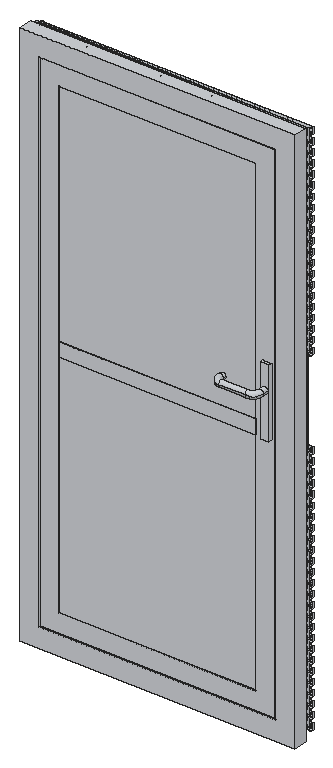
Revit family "NLRS_31_DO_WB_HS27R enkele deur-AV_jazo_jazo", category Doors, host Wall, Revit 2020
Family settings
  Host = Wall
  OmniClass Number = 23.30.10.00
  OmniClass Title = Doors
  Always vertical = Yes
  Cut with Voids When Loaded = No
  Shared = No
  Room Calculation Point = No
Parameters (values of type "TYPE CATALOG")
  URL = "www.jazo.com"
  Thickness = if(JAZO_C_forster presto kozijn, 50 mm, if(JAZO_C_aluminium kozijn, 60 mm, 50 mm))  # 50 mm
  Rough Width = NLRS_C_breedte_01  # 1010 mm
  Rough Height = NLRS_C_hoogte_01  # 2010 mm
  Operation = ""
  Negge = 41 mm
  NLRS_C_zelfsluitend = no
  NLRS_C_weerstandsklasse = "Voor specificaties of mogelijkheden, neem contact op."  # constant formula
  NLRS_C_vluchtroute = "Voor specificaties of mogelijkheden, neem contact op."  # constant formula
  NLRS_C_stelruimte = if(NLRS_C_brandwerend, 10 mm, 5 mm)  # 5 mm
  NLRS_C_rookwerendheid = "Voor specificaties of mogelijkheden, neem contact op."  # constant formula
  NLRS_C_offset_02 = if(JAZO_C_calculatie_03 < 0 mm, JAZO_C_calculatie_03 - ((NLRS_C_aantal_02 - 17) * 36 mm), NLRS_C_offset_01)  # 18.7 mm
  NLRS_C_offset_01 = if(JAZO_C_calculatie_03 > 0 mm, JAZO_C_calculatie_03 - ((NLRS_C_aantal_01 - 2) * 36 mm), 0 mm)  # 18.7 mm
  NLRS_C_offset = Negge  # 41 mm
  NLRS_C_merk = "Voor specificaties of mogelijkheden, neem contact op."  # constant formula
  NLRS_C_leverancier_url = "www.jazo.com"  # constant formula
  NLRS_C_leverancier_telefoonnummer = "+31 316 - 59 29 11"  # constant formula
  NLRS_C_leverancier_postcode = "6905 DJ"  # constant formula
  NLRS_C_leverancier_plaats = "Zevenaar"  # constant formula
  NLRS_C_leverancier_email = "info@jazo.com"  # constant formula
  NLRS_C_leverancier_bedrijfsnaam = "JAZO Zevenaar bv"  # constant formula
  NLRS_C_leverancier_adres = "Handelsdwarsstraat 10"  # constant formula
  NLRS_C_lengte_02 = if(JAZO_C_calculatie_02 < (17 * 36 mm), JAZO_C_calculatie_02, (17 * 36 mm))  # 612 mm
  NLRS_C_lengte_01 = if(JAZO_C_calculatie_01 > (2 * 36 mm), JAZO_C_calculatie_01, (2 * 36 mm))  # 126.7 mm
  NLRS_C_inbraakwerend = no
  NLRS_C_hoogte_min = if(JAZO_C_forster presto kozijn, if(and(NLRS_C_brandwerend, NLRS_C_inbraakwerend), 2050 mm, if(NLRS_C_inbraakwerend, 2050 mm, if(NLRS_C_brandwerend, 2000 mm, 1850 mm))), if(JAZO_C_aluminium kozijn, 1850 mm, 1850 mm))  # 1850 mm
  NLRS_C_hoogte_max = if(JAZO_C_forster presto kozijn, if(NLRS_C_inbraakwerend, 2640 mm, 3000 mm), if(JAZO_C_aluminium kozijn, if(NLRS_C_inbraakwerend, 2645 mm, 3200 mm), 2000 mm))  # 3000 mm
  NLRS_C_hoogte_01 = NLRS_C_hoogte + (NLRS_C_stelruimte * 2)  # 2010 mm
  NLRS_C_hoogte = if(Height < NLRS_C_hoogte_min, NLRS_C_hoogte_min, if(Height > NLRS_C_hoogte_max, NLRS_C_hoogte_max, Height))  # 2000 mm
  NLRS_C_geluidwering Rw = "Voor specificaties of mogelijkheden, neem contact op."  # constant formula
  NLRS_C_diepte_02 = if(JAZO_C_forster presto kozijn, 50 mm, 30 mm)  # 50 mm
  NLRS_C_diepte_01 = if(JAZO_C_forster presto kozijn, 91 mm, 101 mm)  # 91 mm
  NLRS_C_diepte = Thickness  # 50 mm
  NLRS_C_content_versie = "2.5"  # constant formula
  NLRS_C_content_revit versie = "REVIT 2020.2"  # constant formula
  NLRS_C_content_provider = "JAZO Zevenaar bv"  # constant formula
  NLRS_C_content_datum uitgifte = "17-8-2022"  # constant formula
  NLRS_C_content_datum gewijzigd = "7-11-2022"  # constant formula
  NLRS_C_content_creator = "JAZO Zevenaar bv"  # constant formula
  NLRS_C_breedte_min = 850 mm  # constant formula
  NLRS_C_breedte_max = if(JAZO_C_forster presto kozijn, if(NLRS_C_inbraakwerend, 1440 mm, 1500 mm), if(JAZO_C_aluminium kozijn, if(NLRS_C_inbraakwerend, 1661 mm, 1400 mm), 1000 mm))  # 1500 mm
  NLRS_C_breedte_01 = NLRS_C_breedte + NLRS_C_stelruimte * 2  # 1010 mm
  NLRS_C_breedte = if(Width < NLRS_C_breedte_min, NLRS_C_breedte_min, if(Width > NLRS_C_breedte_max, NLRS_C_breedte_max, Width))  # 1000 mm
  NLRS_C_brandwerend = no
  NLRS_C_aantal_02 = if(NLRS_C_hoogte < 1945.3 mm, rounddown(JAZO_C_calculatie_02 / 36 mm), 17)  # 17
  NLRS_C_aantal_01 = if(NLRS_C_hoogte > 1945.3 mm, rounddown(JAZO_C_calculatie_01 / 36 mm), 2)  # 3
  Model = "HS27R enkele deur"  # constant formula
  Manufacturer = "JAZO Zevenaar bv"  # constant formula
  MIN WIDTH = NLRS_C_breedte_min  # 850 mm
  MIN HEIGHT = NLRS_C_hoogte_min  # 1850 mm
  MAX WIDTH = NLRS_C_breedte_max  # 1500 mm
  MAX HEIGHT = NLRS_C_hoogte_max  # 3000 mm
  JAZO_C_ventilerend = no
  JAZO_C_paniekfunctie = no
  JAZO_C_opbouwrooster HS27R = if(or(JAZO_C_aluminium kozijn, JAZO_C_forster presto kozijn), 1 < 2, 2 < 1)  # yes
  JAZO_C_niet ventilerend = yes
  JAZO_C_materiaal schoep = none
  JAZO_C_materiaal scharnier = none
  JAZO_C_materiaal forster presto sandwichpaneel = none
  JAZO_C_materiaal forster presto kozijn = none
  JAZO_C_materiaal forster presto deurprofiel = none
  JAZO_C_materiaal beslag = none
  JAZO_C_materiaal aluminium planken = none
  JAZO_C_materiaal aluminium kozijn = none
  JAZO_C_forster presto kozijn = yes
  JAZO_C_dagmaat hoogte = if(JAZO_C_forster presto kozijn, NLRS_C_hoogte - 70 mm - 70 mm, if(JAZO_C_aluminium kozijn, NLRS_C_hoogte - 52 mm - 52 mm, 0 mm))  # 1860 mm
  JAZO_C_dagmaat breedte = if(JAZO_C_forster presto kozijn, NLRS_C_breedte - 70 mm - 70 mm, if(JAZO_C_aluminium kozijn, NLRS_C_breedte - 52 mm - 52 mm, 0 mm))  # 860 mm
  JAZO_C_calculatie_03 = (NLRS_C_hoogte - JAZO_C_calculatie_01 - JAZO_C_calculatie_02 - 51.2 mm - 36 mm - 216 mm - 216 mm - 108 mm - 324 mm - 216 mm - 72 mm - 22.1 mm) * -1  # 54.7 mm
  JAZO_C_calculatie_02 = NLRS_C_hoogte - (2 mm * 36) - 51.2 mm - 36 mm - 216 mm - 216 mm - 108 mm - 324 mm - 216 mm - 72 mm - 22.1 mm  # 666.7 mm
  JAZO_C_calculatie_01 = NLRS_C_hoogte - (17 mm * 36) - 51.2 mm - 36 mm - 216 mm - 216 mm - 108 mm - 324 mm - 216 mm - 72 mm - 22.1 mm  # 126.7 mm
  JAZO_C_aluminium kozijn = no
  Function = Exterior
  Height = 2000 mm
  Wall Closure = By host
  Width = 1000 mm
  Description = "HS27R enkele deur"  # constant formula
  Define Thermal Properties by = User Defined
  Construction Type = "Voor specificaties of mogelijkheden, neem contact op."  # constant formula
  Assembly Code = "23.30.10.00"
  Analytic Construction = "<None>"
Reference planes
  plane 1 "Center (Front/Back)": y = 0
  plane 2 "Center (Left/Right)": x = 0
  plane 3 "Left": x = -500
  plane 4 "Right": x = 500
  plane 5 "Top": z = 2005
  plane 6 "Exterior": y = 75
  plane 7 "Interior": y = -75
  plane 8 "stelruimte r": x = 505
  plane 9 "stelruimte l": x = -505
  plane 10 "stelruimte b": z = 2010
  plane 11 "stelruimte o": z = 5
  plane 12 "center kozijn": y = 9
  plane 13 "Center": z = 1005
  plane 14 "voorkant kozijn": y = 34
  plane 15 "achterkant kozijn": y = -16
  plane 16 "start_schoep": z = 1998.2
  plane 17 "sectie 2": z = 1695
  plane 18 "sectie 3": z = 1568.3
  plane 19 "sectie 4": z = 1352.3
  plane 20 "sectie 5": z = 1244.3
  plane 21 "sectie 6": z = 920.3
  plane 22 "sectie 7": z = 308.3
  plane 23 "sectie 8": z = 92.3
  plane 24 "sectie 9": z = 20.3
  plane 25 "sectie 1A": z = 1947
  plane 26 "offset sectie 3": z = 1587
  plane 27 "offset sectie 4": z = 1371
  plane 28 "offset sectie 5": z = 1263
  plane 29 "offset sectie 6": z = 939
  plane 30 "offset sectie 7": z = 327
  plane 31 "offset sectie 8": z = 111
  plane 32 "voorkant schoep": y = 75
  plane 33 "center kozijn + schoep": y = 29.5
  plane 34 "sectie 1": z = 1911
Lines and regions (mm)
  Opening 1
    outline origin (-3161.91, -75, 0) x (1, 0, 0) y (0, 0, 1)
      loop
        line (2656.91, 0) -> (3666.91, 0) -> (3666.91, 2010) -> (2656.91, 2010) -> (2656.91, 0)
  symbolic lines, style "Swing Elevation"
    curve 1: line (500, -75, 1005) -> (-500, -75, 2005)
    curve 2: line (500, -75, 1005) -> (-500, -75, 0)
Text (mm)
  text "Exterior" at (-2295.016, 1099.543, 0), in view "Ref. Level"
  text "Exterior" at (0, 1615.38, 3698.081), in view "Left"
  text "Exterior" at (0, 1036.032, 3874.932), in view "Right"
Dimensions and locks
  equal spacing: plane 9 "stelruimte l", plane 2 "Center (Left/Right)", plane 8 "stelruimte r"
  "NLRS_C_breedte": plane 3 "Left" to plane 4 "Right"
  "NLRS_C_hoogte": plane 5 "Top" to plane 11 "stelruimte o"
  "NLRS_C_hoogte_01": host wall to plane 10 "stelruimte b"
  locked: plane 6 "Exterior" to host wall
  locked: plane 7 "Interior" to host wall
  "NLRS_C_breedte_01": plane 9 "stelruimte l" to plane 8 "stelruimte r"
  equal spacing: plane 3 "Left", plane 2 "Center (Left/Right)", plane 4 "Right"
  equal spacing: plane 11 "stelruimte o", plane 13 "Center", plane 5 "Top"
  "NLRS_C_stelruimte": level to plane 11 "stelruimte o"
  locked: plane 16 "start_schoep" to plane 5 "Top" at 6.8
  locked: plane 25 "sectie 1A" to plane 16 "start_schoep" at 51.2
  locked: plane 17 "sectie 2" to plane 34 "sectie 1" at 216
  "NLRS_C_lengte_01": plane 18 "sectie 3" to plane 17 "sectie 2"
  locked: plane 19 "sectie 4" to plane 18 "sectie 3" at 216
  locked: plane 20 "sectie 5" to plane 19 "sectie 4" at 108
  locked: plane 21 "sectie 6" to plane 20 "sectie 5" at 324
  "NLRS_C_lengte_02": plane 22 "sectie 7" to plane 21 "sectie 6"
  locked: plane 23 "sectie 8" to plane 22 "sectie 7" at 216
  locked: plane 24 "sectie 9" to plane 23 "sectie 8" at 72
  "NLRS_C_offset_01": plane 18 "sectie 3" to plane 26 "offset sectie 3"
  "NLRS_C_offset_01": plane 19 "sectie 4" to plane 27 "offset sectie 4"
  "NLRS_C_offset_01": plane 20 "sectie 5" to plane 28 "offset sectie 5"
  "NLRS_C_offset_01": plane 21 "sectie 6" to plane 29 "offset sectie 6"
  "NLRS_C_offset_02": plane 22 "sectie 7" to plane 30 "offset sectie 7"
  "NLRS_C_offset_02": plane 23 "sectie 8" to plane 31 "offset sectie 8"
  equal spacing: plane 14 "voorkant kozijn", plane 12 "center kozijn", plane 15 "achterkant kozijn"
  "NLRS_C_diepte": plane 14 "voorkant kozijn" to plane 15 "achterkant kozijn"
  "NLRS_C_diepte_01": plane 32 "voorkant schoep" to plane 15 "achterkant kozijn"
  equal spacing: plane 32 "voorkant schoep", plane 33 "center kozijn + schoep", plane 15 "achterkant kozijn"
  "NLRS_C_offset": plane 14 "voorkant kozijn" to plane 6 "Exterior"
  locked: plane 34 "sectie 1" to plane 25 "sectie 1A" at 36
  equal spacing: group 1, group 2, group 3, group 4, group 5, group 6  (x2)
  equal spacing: group 6, group 5, group 4, group 3, group 2, group 1
  locked: plane 34 "sectie 1" to nested 11 at 36
  equal spacing: group 7, group 8, group 49  (x2)
  equal spacing: group 49, group 8, group 7
  locked: plane 17 "sectie 2" to nested 17 at 36
  equal spacing: group 9, group 10, group 11, group 12, group 13, group 14  (x2)
  equal spacing: group 14, group 13, group 12, group 11, group 10, group 9
  equal spacing: group 15, group 16, group 17  (x2)
  equal spacing: group 17, group 16, group 15
  locked: plane 27 "offset sectie 4" to nested 25 at 36
  locked: plane 26 "offset sectie 3" to nested 19 at 36
  equal spacing: group 18, group 19, group 20, group 21, group 22, group 23, group 24, group 25, group 26  (x2)
  equal spacing: group 26, group 25, group 24, group 23, group 22, group 21, group 20, group 19, group 18
  locked: plane 28 "offset sectie 5" to nested 28 at 36
  equal spacing: group 27, group 28, group 29, group 30, group 31, group 32, group 33, group 34, group 35, group 36, group 37, group 38, group 39, group 40, group 50, group 51, group 52  (x2)
  equal spacing: group 52, group 51, group 50, group 40, group 39, group 38, group 37, group 36, group 35, group 34, group 33, group 32, group 31, group 30, group 29, group 28, group 27
  locked: plane 29 "offset sectie 6" to nested 37 at 36
  equal spacing: group 41, group 42, group 43, group 44, group 45, group 46  (x2)
  equal spacing: group 46, group 45, group 44, group 43, group 42, group 41
  locked: plane 30 "offset sectie 7" to nested 51 at 36
  group 47 to group 48 = 0 mm  (x2)
  group 48 to group 47 = 36 mm
  locked: plane 31 "offset sectie 8" to nested 57 at 36
  locked: plane 29 "offset sectie 6" to nested 64 at 204.723
  locked: plane 17 "sectie 2" to nested 67 at 10.4
  locked: plane 27 "offset sectie 4" to nested 66 at 10.4
  locked: plane 31 "offset sectie 8" to nested 65 at 10.4
  locked: plane 31 "offset sectie 8" to nested 68 at 10.4
  locked: plane 27 "offset sectie 4" to nested 69 at 10.4
  locked: plane 17 "sectie 2" to nested 70 at 10.4
  aligned and locked: Opening 1 sketch curve to level
  aligned and locked: plane 1 "Center (Front/Back)" to host wall
  aligned and locked: Opening 1 sketch curve to plane 9 "stelruimte l"
  aligned and locked: plane 10 "stelruimte b" to Opening 1 sketch curve
  aligned and locked: Opening 1 sketch curve to plane 8 "stelruimte r"
  aligned and locked: plane 2 "Center (Left/Right)" to nested 1
  aligned and locked: nested 1 to plane 12 "center kozijn"
  aligned and locked: nested 1 to plane 5 "Top"
  aligned and locked: plane 2 "Center (Left/Right)" to nested 2
  aligned and locked: nested 2 to plane 12 "center kozijn"
  aligned and locked: nested 3 to plane 12 "center kozijn"
  aligned and locked: plane 2 "Center (Left/Right)" to nested 3
  aligned and locked: plane 2 "Center (Left/Right)" to nested 4
  aligned and locked: nested 4 to plane 12 "center kozijn"
  aligned and locked: nested 5 to plane 12 "center kozijn"
  aligned and locked: plane 2 "Center (Left/Right)" to nested 5
  aligned and locked: nested 3 to plane 5 "Top"
  aligned and locked: nested 5 to plane 5 "Top"
  aligned and locked: plane 2 "Center (Left/Right)" to nested 6
  aligned and locked: nested 6 to plane 33 "center kozijn + schoep"
  aligned and locked: plane 2 "Center (Left/Right)" to nested 7
  aligned and locked: nested 7 to plane 33 "center kozijn + schoep"
  aligned and locked: plane 13 "Center" to nested 4
  aligned and locked: plane 2 "Center (Left/Right)" to nested 8
  aligned and locked: plane 14 "voorkant kozijn" to nested 8
  aligned and locked: nested 8 to plane 16 "start_schoep"
  aligned and locked: plane 2 "Center (Left/Right)" to nested 9
  aligned and locked: plane 14 "voorkant kozijn" to nested 9
  aligned and locked: nested 9 to plane 25 "sectie 1A"
  aligned and locked: plane 2 "Center (Left/Right)" to nested 10
  aligned and locked: plane 14 "voorkant kozijn" to nested 10
  aligned and locked: plane 34 "sectie 1" to nested 10
  aligned and locked: plane 14 "voorkant kozijn" to nested 11
  aligned and locked: plane 2 "Center (Left/Right)" to nested 16
  aligned and locked: plane 14 "voorkant kozijn" to nested 16
  aligned and locked: nested 16 to plane 17 "sectie 2"
  aligned and locked: plane 14 "voorkant kozijn" to nested 17
  aligned and locked: plane 2 "Center (Left/Right)" to nested 18
  aligned and locked: plane 14 "voorkant kozijn" to nested 18
  aligned and locked: nested 18 to plane 26 "offset sectie 3"
  aligned and locked: plane 14 "voorkant kozijn" to nested 19
  aligned and locked: plane 2 "Center (Left/Right)" to nested 24
  aligned and locked: plane 14 "voorkant kozijn" to nested 24
  aligned and locked: nested 24 to plane 27 "offset sectie 4"
  aligned and locked: plane 14 "voorkant kozijn" to nested 25
  aligned and locked: plane 2 "Center (Left/Right)" to nested 27
  aligned and locked: plane 14 "voorkant kozijn" to nested 27
  aligned and locked: nested 27 to plane 28 "offset sectie 5"
  aligned and locked: plane 14 "voorkant kozijn" to nested 28
  aligned and locked: plane 2 "Center (Left/Right)" to nested 36
  aligned and locked: plane 14 "voorkant kozijn" to nested 36
  aligned and locked: nested 36 to plane 29 "offset sectie 6"
  aligned and locked: plane 14 "voorkant kozijn" to nested 37
  aligned and locked: plane 2 "Center (Left/Right)" to nested 50
  aligned and locked: plane 14 "voorkant kozijn" to nested 50
  aligned and locked: nested 50 to plane 30 "offset sectie 7"
  aligned and locked: plane 14 "voorkant kozijn" to nested 51
  aligned and locked: plane 2 "Center (Left/Right)" to nested 56
  aligned and locked: plane 14 "voorkant kozijn" to nested 56
  aligned and locked: nested 56 to plane 31 "offset sectie 8"
  aligned and locked: plane 14 "voorkant kozijn" to nested 57
  aligned and locked: plane 4 "Right" to nested 58
  aligned and locked: nested 58 to plane 32 "voorkant schoep"
  aligned and locked: nested 59 to plane 14 "voorkant kozijn"
  aligned and locked: nested 59 to plane 3 "Left"
  aligned and locked: nested 64 to plane 4 "Right"
  aligned and locked: nested 64 to plane 14 "voorkant kozijn"
  aligned and locked: nested 65 to plane 3 "Left"
  aligned and locked: nested 66 to plane 3 "Left"
  aligned and locked: nested 67 to plane 3 "Left"
  aligned and locked: plane 14 "voorkant kozijn" to nested 67
  aligned and locked: plane 14 "voorkant kozijn" to nested 66
  aligned and locked: plane 14 "voorkant kozijn" to nested 65
  aligned and locked: nested 68 to plane 3 "Left"
  aligned and locked: nested 69 to plane 3 "Left"
  aligned and locked: nested 70 to plane 3 "Left"
  aligned and locked: plane 14 "voorkant kozijn" to nested 68
  aligned and locked: plane 14 "voorkant kozijn" to nested 70
  aligned and locked: plane 14 "voorkant kozijn" to nested 69
  aligned and locked: nested 71 to plane 3 "Left"
  aligned and locked: plane 14 "voorkant kozijn" to nested 71
  aligned and locked: nested 2 to plane 5 "Top"
  aligned and locked: plane 2 "Center (Left/Right)" to nested 72
  aligned and locked: nested 72 to plane 33 "center kozijn + schoep"
Automatic sketch dimensions
  plane 4 "Right" to curve 2 = 0 mm
  curve 2 to level = 0 mm
  curve 2 to plane 13 "Center" = 0 mm
  plane 3 "Left" to curve 1 = 0 mm
  curve 1 to plane 5 "Top" = 0 mm
  plane 3 "Left" to curve 2 = 0 mm
Nested families
  nested 1: "NLRS_31_GM_UN_forster presto kozijn-AV" at (0, 9, 5), type "forster presto kozijn"
    with NLRS_C_breedte 1000 mm
  nested 2: "NLRS_31_GM_UN_aluminium kozijn-AV" at (0, 9, 5), type "aluminium kozijn"
  nested 3: "NLRS_31_GM_UN_forster presto deurprofiel-AV" at (0, 9, 5), type "forster presto deurprofiel"
  nested 4: "NLRS_31_GM_UN_forster presto sandwichpaneel opbouwroosters-AV" at (0, 9, 5), type "forster presto sandiwchpaneel opbouwroosters"
    with NLRS_C_zichtbaar_02 no, NLRS_C_breedte_01 720 mm, NLRS_C_breedte 1000 mm, NLRS_C_brandwerend no, JAZO_C_ventilerend no, JAZO_C_niet ventilerend yes
  nested 5: "NLRS_31_GM_UN_aluminium planken opbouwroosters-AV" at (0, 24.008, 5), type "aluminium planken"
    with NLRS_C_zichtbaar_01 no, NLRS_C_hoogte_04 759.5 mm, NLRS_C_hoogte_03 755.5 mm, NLRS_C_hoogte_02 1930 mm, NLRS_C_hoogte 2000 mm, NLRS_C_breedte_03 742 mm, NLRS_C_breedte_02 753 mm, NLRS_C_breedte_01 952 mm, NLRS_C_breedte 1000 mm, NLRS_C_aantal_02 38, NLRS_C_aantal_01 38, JAZO_C_aluminium kozijn no
  nested 6: "NLRS_31_DI_UN_markering" at (0, 29.5, 0), type "markering"
  nested 7: "NLRS_31_GA_UN_error message" at (0, 29.5, 0), type "error message"
    with NLRS_C_zichtbaar_10 no, NLRS_C_zichtbaar_05 no, NLRS_C_hoogte_max 3000 mm, NLRS_C_hoogte 2000 mm, NLRS_C_breedte_max 1500 mm, NLRS_C_brandwerend no, JAZO_C_aluminium kozijn no
  nested 8: "NLRS_31_GM_UN_HS27R start schoep-AV" at (0, 60, 1931.753), NLRS_C_breedte <- "NLRS_C_breedte", type "HS27R start schoep"
    with NLRS_C_breedte 1000 mm
  nested 9: "NLRS_31_GM_UN_HS27R schoep-AV" at (0, 60, 1895.723), NLRS_C_breedte <- "NLRS_C_breedte", type "HS27R schoep"
    with NLRS_C_breedte 1000 mm
  nested 10: "NLRS_31_GM_UN_HS27R scharnier schoep-AV" at (0, 60, 1859.723), NLRS_C_breedte <- "NLRS_C_breedte", type "HS27R scharnier schoep"
    with NLRS_C_breedte 1000 mm
  nested 11: "NLRS_31_GM_UN_HS27R scharnier schoep-AV" at (0, 60, 1823.723), NLRS_C_breedte <- "NLRS_C_breedte", type "HS27R scharnier schoep"
    with NLRS_C_breedte 1000 mm
  nested 12: "NLRS_31_GM_UN_HS27R scharnier schoep-AV" at (0, 60, 1787.723), NLRS_C_breedte <- "NLRS_C_breedte", type "HS27R scharnier schoep"
    with NLRS_C_breedte 1000 mm
  nested 13: "NLRS_31_GM_UN_HS27R scharnier schoep-AV" at (0, 60, 1751.723), NLRS_C_breedte <- "NLRS_C_breedte", type "HS27R scharnier schoep"
    with NLRS_C_breedte 1000 mm
  nested 14: "NLRS_31_GM_UN_HS27R scharnier schoep-AV" at (0, 60, 1715.723), NLRS_C_breedte <- "NLRS_C_breedte", type "HS27R scharnier schoep"
    with NLRS_C_breedte 1000 mm
  nested 15: "NLRS_31_GM_UN_HS27R scharnier schoep-AV" at (0, 60, 1679.723), NLRS_C_breedte <- "NLRS_C_breedte", type "HS27R scharnier schoep"
    with NLRS_C_breedte 1000 mm
  nested 16: "NLRS_31_GM_UN_HS27R schoep-AV" at (0, 60, 1643.723), NLRS_C_breedte <- "NLRS_C_breedte", type "HS27R schoep"
    with NLRS_C_breedte 1000 mm
  nested 17: "NLRS_31_GM_UN_HS27R schoep-AV" at (0, 60, 1607.723), NLRS_C_breedte <- "NLRS_C_breedte", type "HS27R schoep"
    with NLRS_C_breedte 1000 mm
  nested 18: "NLRS_31_GM_UN_HS27R scharnier schoep-AV" at (0, 60, 1535.723), NLRS_C_breedte <- "NLRS_C_breedte", type "HS27R scharnier schoep"
    with NLRS_C_breedte 1000 mm
  nested 19: "NLRS_31_GM_UN_HS27R scharnier schoep-AV" at (0, 60, 1499.723), NLRS_C_breedte <- "NLRS_C_breedte", type "HS27R scharnier schoep"
    with NLRS_C_breedte 1000 mm
  nested 20: "NLRS_31_GM_UN_HS27R scharnier schoep-AV" at (0, 60, 1463.723), NLRS_C_breedte <- "NLRS_C_breedte", type "HS27R scharnier schoep"
    with NLRS_C_breedte 1000 mm
  nested 21: "NLRS_31_GM_UN_HS27R scharnier schoep-AV" at (0, 60, 1427.723), NLRS_C_breedte <- "NLRS_C_breedte", type "HS27R scharnier schoep"
    with NLRS_C_breedte 1000 mm
  nested 22: "NLRS_31_GM_UN_HS27R scharnier schoep-AV" at (0, 60, 1391.723), NLRS_C_breedte <- "NLRS_C_breedte", type "HS27R scharnier schoep"
    with NLRS_C_breedte 1000 mm
  nested 23: "NLRS_31_GM_UN_HS27R scharnier schoep-AV" at (0, 60, 1355.723), NLRS_C_breedte <- "NLRS_C_breedte", type "HS27R scharnier schoep"
    with NLRS_C_breedte 1000 mm
  nested 24: "NLRS_31_GM_UN_HS27R schoep-AV" at (0, 60, 1319.723), NLRS_C_breedte <- "NLRS_C_breedte", type "HS27R schoep"
    with NLRS_C_breedte 1000 mm
  nested 25: "NLRS_31_GM_UN_HS27R schoep-AV" at (0, 60, 1283.723), NLRS_C_breedte <- "NLRS_C_breedte", type "HS27R schoep"
    with NLRS_C_breedte 1000 mm
  nested 26: "NLRS_31_GM_UN_HS27R schoep-AV" at (0, 60, 1247.723), NLRS_C_breedte <- "NLRS_C_breedte", type "HS27R schoep"
    with NLRS_C_breedte 1000 mm
  nested 27: "NLRS_31_GM_UN_HS27R beslag schoep-AV" at (0, 60, 1211.723), NLRS_C_breedte <- "NLRS_C_breedte", type "HS27R beslag schoep"
    with NLRS_C_breedte 1000 mm
  nested 28: "NLRS_31_GM_UN_HS27R beslag schoep-AV" at (0, 60, 1175.723), NLRS_C_breedte <- "NLRS_C_breedte", type "HS27R beslag schoep"
    with NLRS_C_breedte 1000 mm
  nested 29: "NLRS_31_GM_UN_HS27R beslag schoep-AV" at (0, 60, 1139.723), NLRS_C_breedte <- "NLRS_C_breedte", type "HS27R beslag schoep"
    with NLRS_C_breedte 1000 mm
  nested 30: "NLRS_31_GM_UN_HS27R beslag schoep-AV" at (0, 60, 1103.723), NLRS_C_breedte <- "NLRS_C_breedte", type "HS27R beslag schoep"
    with NLRS_C_breedte 1000 mm
  nested 31: "NLRS_31_GM_UN_HS27R beslag schoep-AV" at (0, 60, 1067.723), NLRS_C_breedte <- "NLRS_C_breedte", type "HS27R beslag schoep"
    with NLRS_C_breedte 1000 mm
  nested 32: "NLRS_31_GM_UN_HS27R beslag schoep-AV" at (0, 60, 1031.723), NLRS_C_breedte <- "NLRS_C_breedte", type "HS27R beslag schoep"
    with NLRS_C_breedte 1000 mm
  nested 33: "NLRS_31_GM_UN_HS27R beslag schoep-AV" at (0, 60, 995.723), NLRS_C_breedte <- "NLRS_C_breedte", type "HS27R beslag schoep"
    with NLRS_C_breedte 1000 mm
  nested 34: "NLRS_31_GM_UN_HS27R beslag schoep-AV" at (0, 60, 959.723), NLRS_C_breedte <- "NLRS_C_breedte", type "HS27R beslag schoep"
    with NLRS_C_breedte 1000 mm
  nested 35: "NLRS_31_GM_UN_HS27R beslag schoep-AV" at (0, 60, 923.723), NLRS_C_breedte <- "NLRS_C_breedte", type "HS27R beslag schoep"
    with NLRS_C_breedte 1000 mm
  nested 36: "NLRS_31_GM_UN_HS27R schoep-AV" at (0, 60, 887.723), NLRS_C_breedte <- "NLRS_C_breedte", type "HS27R schoep"
    with NLRS_C_breedte 1000 mm
  nested 37: "NLRS_31_GM_UN_HS27R schoep-AV" at (0, 60, 851.723), NLRS_C_breedte <- "NLRS_C_breedte", type "HS27R schoep"
    with NLRS_C_breedte 1000 mm
  nested 38: "NLRS_31_GM_UN_HS27R schoep-AV" at (0, 60, 815.723), NLRS_C_breedte <- "NLRS_C_breedte", type "HS27R schoep"
    with NLRS_C_breedte 1000 mm
  nested 39: "NLRS_31_GM_UN_HS27R schoep-AV" at (0, 60, 779.723), NLRS_C_breedte <- "NLRS_C_breedte", type "HS27R schoep"
    with NLRS_C_breedte 1000 mm
  nested 40: "NLRS_31_GM_UN_HS27R schoep-AV" at (0, 60, 743.723), NLRS_C_breedte <- "NLRS_C_breedte", type "HS27R schoep"
    with NLRS_C_breedte 1000 mm
  nested 41: "NLRS_31_GM_UN_HS27R schoep-AV" at (0, 60, 707.723), NLRS_C_breedte <- "NLRS_C_breedte", type "HS27R schoep"
    with NLRS_C_breedte 1000 mm
  nested 42: "NLRS_31_GM_UN_HS27R schoep-AV" at (0, 60, 671.723), NLRS_C_breedte <- "NLRS_C_breedte", type "HS27R schoep"
    with NLRS_C_breedte 1000 mm
  nested 43: "NLRS_31_GM_UN_HS27R schoep-AV" at (0, 60, 635.723), NLRS_C_breedte <- "NLRS_C_breedte", type "HS27R schoep"
    with NLRS_C_breedte 1000 mm
  nested 44: "NLRS_31_GM_UN_HS27R schoep-AV" at (0, 60, 599.723), NLRS_C_breedte <- "NLRS_C_breedte", type "HS27R schoep"
    with NLRS_C_breedte 1000 mm
  nested 45: "NLRS_31_GM_UN_HS27R schoep-AV" at (0, 60, 563.723), NLRS_C_breedte <- "NLRS_C_breedte", type "HS27R schoep"
    with NLRS_C_breedte 1000 mm
  nested 46: "NLRS_31_GM_UN_HS27R schoep-AV" at (0, 60, 527.723), NLRS_C_breedte <- "NLRS_C_breedte", type "HS27R schoep"
    with NLRS_C_breedte 1000 mm
  nested 47: "NLRS_31_GM_UN_HS27R schoep-AV" at (0, 60, 491.723), NLRS_C_breedte <- "NLRS_C_breedte", type "HS27R schoep"
    with NLRS_C_breedte 1000 mm
  nested 48: "NLRS_31_GM_UN_HS27R schoep-AV" at (0, 60, 455.723), NLRS_C_breedte <- "NLRS_C_breedte", type "HS27R schoep"
    with NLRS_C_breedte 1000 mm
  nested 49: "NLRS_31_GM_UN_HS27R schoep-AV" at (0, 60, 419.723), NLRS_C_breedte <- "NLRS_C_breedte", type "HS27R schoep"
    with NLRS_C_breedte 1000 mm
  nested 50: "NLRS_31_GM_UN_HS27R scharnier schoep-AV" at (0, 60, 275.723), NLRS_C_breedte <- "NLRS_C_breedte", type "HS27R scharnier schoep"
    with NLRS_C_breedte 1000 mm
  nested 51: "NLRS_31_GM_UN_HS27R scharnier schoep-AV" at (0, 60, 239.723), NLRS_C_breedte <- "NLRS_C_breedte", type "HS27R scharnier schoep"
    with NLRS_C_breedte 1000 mm
  nested 52: "NLRS_31_GM_UN_HS27R scharnier schoep-AV" at (0, 60, 203.723), NLRS_C_breedte <- "NLRS_C_breedte", type "HS27R scharnier schoep"
    with NLRS_C_breedte 1000 mm
  nested 53: "NLRS_31_GM_UN_HS27R scharnier schoep-AV" at (0, 60, 167.723), NLRS_C_breedte <- "NLRS_C_breedte", type "HS27R scharnier schoep"
    with NLRS_C_breedte 1000 mm
  nested 54: "NLRS_31_GM_UN_HS27R scharnier schoep-AV" at (0, 60, 131.723), NLRS_C_breedte <- "NLRS_C_breedte", type "HS27R scharnier schoep"
    with NLRS_C_breedte 1000 mm
  nested 55: "NLRS_31_GM_UN_HS27R scharnier schoep-AV" at (0, 60, 95.723), NLRS_C_breedte <- "NLRS_C_breedte", type "HS27R scharnier schoep"
    with NLRS_C_breedte 1000 mm
  nested 56: "NLRS_31_GM_UN_HS27R schoep-AV" at (0, 60, 59.723), NLRS_C_breedte <- "NLRS_C_breedte", type "HS27R schoep"
    with NLRS_C_breedte 1000 mm
  nested 57: "NLRS_31_GM_UN_HS27R schoep-AV" at (0, 60, 23.723), NLRS_C_breedte <- "NLRS_C_breedte", type "HS27R schoep"
    with NLRS_C_breedte 1000 mm
  nested 58: "NLRS_31_DI_UN_beslagbak detail HS27R" at (401, 75, 0), type "beslagbak detail HS27R"
  nested 59: "NLRS_31_DI_UN_scharnier detail HS27R" at (-500, 34, 0), type "scharnier detail HS27R"
    with JAZO_C_forster presto kozijn yes, JAZO_C_aluminium kozijn no
  nested 60: "NLRS_31_GM_UN_HS27R schoep-AV" at (0, 60, 1571.723), NLRS_C_breedte <- "NLRS_C_breedte", type "HS27R schoep"
    with NLRS_C_breedte 1000 mm
  nested 61: "NLRS_31_GM_UN_HS27R schoep-AV" at (0, 60, 383.723), NLRS_C_breedte <- "NLRS_C_breedte", type "HS27R schoep"
    with NLRS_C_breedte 1000 mm
  nested 62: "NLRS_31_GM_UN_HS27R schoep-AV" at (0, 60, 347.723), NLRS_C_breedte <- "NLRS_C_breedte", type "HS27R schoep"
    with NLRS_C_breedte 1000 mm
  nested 63: "NLRS_31_GM_UN_HS27R schoep-AV" at (0, 60, 311.723), NLRS_C_breedte <- "NLRS_C_breedte", type "HS27R schoep"
    with NLRS_C_breedte 1000 mm
  nested 64: "NLRS_31_GM_UN_beslagbak HS27R-AV" at (401, 45, 923.723), type "beslagbak HS27R"
  nested 65: "NLRS_31_GM_UN_scharnier staal HS27R-AV" at (-480, 68, 121.4), type "scharnier staal HS27R"
  nested 66: "NLRS_31_GM_UN_scharnier staal HS27R-AV" at (-480, 68, 1381.4), type "scharnier staal HS27R"
  nested 67: "NLRS_31_GM_UN_scharnier staal HS27R-AV" at (-480, 68, 1705.4), type "scharnier staal HS27R"
  nested 68: "NLRS_31_GM_UN_scharnier aluminium HS27R-AV" at (-480, 75.5, 121.4), type "scharnier aluminium HS27R"
    with JAZO_C_aluminium kozijn no
  nested 69: "NLRS_31_GM_UN_scharnier aluminium HS27R-AV" at (-480, 75.5, 1381.4), type "scharnier aluminium HS27R"
    with JAZO_C_aluminium kozijn no
  nested 70: "NLRS_31_GM_UN_scharnier aluminium HS27R-AV" at (-480, 75.5, 1705.4), type "scharnier aluminium HS27R"
    with JAZO_C_aluminium kozijn no
  nested 71: "NLRS_31_GM_UN_door swing" at (-500, 34, 0) x (-1, 0, 0) z (0, 0, 1), NLRS_C_breedte <- "NLRS_C_breedte", type "door swing"
    with NLRS_C_hoek 90.00°, NLRS_C_breedte 1000 mm
  nested 72: "NLRS_31_GA_UN_error message paniekfunctie" at (0, 29.5, 0), type "error message"
    with NLRS_C_zichtbaar_01 no, NLRS_C_inbraakwerend no, JAZO_C_ventilerend no, JAZO_C_paniekfunctie no
Definition of nested family "NLRS_31_GM_UN_forster presto kozijn-AV"
  Parameters (values of type "forster presto kozijn")
    URL = "www.jazo.com"
    NLRS_C_zichtbaar_01 = yes
    NLRS_C_materiaal = none
    NLRS_C_hoogte = 2000 mm
    NLRS_C_diepte = 50 mm  # constant formula
    NLRS_C_breedte = 2500 mm
    Model = "Forster Presto kozijn"
    Manufacturer = "JAZO Zevenaar bv"
    Description = "Forster Presto kozijn"
    Default Elevation = 0 mm
    Assembly Code = "23.30.10.11.11"
  Reference planes
    plane 1 "Center (Front/Back)": y = 0
    plane 2 "Bottom": z = 0
    plane 3 "Center (Left/Right)": x = 0
    plane 4 "Left": x = -1250
    plane 5 "Right": x = 1250
    plane 6 "Top": z = 2000
    plane 7 "voorkant kozijn": y = 25
    plane 8 "achterkant kozijn": y = -25
  Forms (mm)
    Sweep 1, solid, material <- "NLRS_C_materiaal", visible <- "NLRS_C_zichtbaar_01"
      path origin (0, 0, 0) x (1, 0, 0) y (0, 0, 1)
        loop
          line (-1250, 2000) -> (-1250, 0) -> (1250, 0) -> (1250, 2000) -> (-1250, 2000)
      profile origin (0, 0, 2000) x (0, 0, 1) y (0, -1, 0)
        loop
          line (0, -25) -> (0, 25) -> (-50, 25) -> (-70, 25) -> (-70, 22.003) -> (-50, 22.003) -> (-50, -19) -> (-36, -19) -> (-36, -25) -> (0, -25)
  Lines and regions (mm)
    symbolic lines, visible <- "NLRS_C_zichtbaar_01"
      curve 1: line (-1181.52, -25, 0) -> (1181.52, -25, 0)
      curve 2: line (-1216.25, 25, 0) -> (1216.25, 25, 0)
    symbolic lines
      curve 3: line (0, -25, 1931.52) -> (0, -25, 68.48)
      curve 4: line (0, 25, 33.75) -> (0, 25, 1966.25)
  Dimensions and locks
    "NLRS_C_hoogte": plane 6 "Top" to plane 2 "Bottom"
    "NLRS_C_diepte": plane 7 "voorkant kozijn" to plane 8 "achterkant kozijn"
    "NLRS_C_breedte": plane 4 "Left" to plane 5 "Right"
    equal spacing: plane 4 "Left", plane 3 "Center (Left/Right)", plane 5 "Right"
    aligned and locked: level to plane 2 "Bottom"
    aligned and locked: Sweep 1 to plane 8 "achterkant kozijn"
    aligned and locked: Sweep 1 to plane 7 "voorkant kozijn"
    aligned and locked: nested 1 to plane 8 "achterkant kozijn"
    aligned and locked: nested 2 to plane 8 "achterkant kozijn"
    aligned and locked: Sweep 1 sketch curve to plane 6 "Top"
    aligned and locked: Sweep 1 sketch curve to plane 4 "Left"
    aligned and locked: plane 5 "Right" to Sweep 1 sketch curve
    aligned and locked: plane 2 "Bottom" to Sweep 1 sketch curve
    aligned and locked: nested 1 to plane 4 "Left"
    aligned and locked: nested 2 to plane 5 "Right"
    aligned and locked: nested 4 to plane 6 "Top"
    aligned and locked: nested 3 to plane 2 "Bottom"
    aligned and locked: curve 1 to plane 8 "achterkant kozijn"
    aligned and locked: curve 2 to plane 7 "voorkant kozijn"
    aligned and locked: plane 8 "achterkant kozijn" to curve 3
    aligned and locked: curve 4 to plane 7 "voorkant kozijn"
  Automatic sketch dimensions
    profile plane to Sweep 1 sketch curve = 0 mm
    profile plane to Sweep 1 sketch curve = 36 mm
    Sweep 1 sketch curve to Sweep 1 sketch curve = 14 mm
    Sweep 1 sketch curve to Sweep 1 sketch curve = 0 mm
    Sweep 1 sketch curve to Sweep 1 sketch curve = 20 mm
    Sweep 1 sketch curve to plane 1 "Center (Front/Back)" = 25 mm
    Sweep 1 sketch curve to Sweep 1 sketch curve = 6 mm
    plane 1 "Center (Front/Back)" to Sweep 1 sketch curve = 22.003 mm
    Sweep 1 sketch curve to Sweep 1 sketch curve = 2.997 mm
    curve 2 to plane 4 "Left" = 33.75 mm
    curve 2 to curve 1 = 34.73 mm
    plane 5 "Right" to curve 1 = 68.48 mm
    plane 5 "Right" to curve 2 = 33.75 mm
    level to curve 4 = 33.75 mm
    curve 4 to curve 3 = 34.73 mm
    curve 3 to plane 6 "Top" = 68.48 mm
    curve 4 to plane 6 "Top" = 33.75 mm
  Nested families
    nested 1: "NLRS_31_DI_UN_forster presto kozijn detail" at (-1250, -25, 0) x (0, 1, 0) z (0, 0, 1), visible <- "NLRS_C_zichtbaar_01", type "forster presto kozijn detail"
    nested 2: "NLRS_31_DI_UN_forster presto kozijn detail" at (1250, -25, 0) x (0, 1, 0) z (0, 0, 1), visible <- "NLRS_C_zichtbaar_01", type "forster presto kozijn detail"
    nested 3: "NLRS_31_DI_UN_forster presto kozijn detail" at (0, -25, 0) x (0, 1, 0) z (1, 0, 0), visible <- "NLRS_C_zichtbaar_01", type "forster presto kozijn detail"
    nested 4: "NLRS_31_DI_UN_forster presto kozijn detail" at (0, -25, 2000) x (0, 1, 0) z (1, 0, 0), visible <- "NLRS_C_zichtbaar_01", type "forster presto kozijn detail"
  Definition of nested family "NLRS_31_DI_UN_forster presto kozijn detail"
    Parameters (values of type "forster presto kozijn detail")
      URL = "www.jazo.com"
      Manufacturer = "Jazo Zevenaar BV"
      Description = "Forster presto kozijn detail"
    Reference planes
      plane 1 "Center (Front/Back)": y = 0
      plane 2: z = 0
      plane 3 "Center (Left/Right)": x = 0
    Lines and regions (mm)
      detail lines, in view "Ref. Level"
        curve 1: line (0, 2.25, 0) -> (0, 68.48, 0)
        curve 2: arc (0, 68.48, 0) -> (1.52, 70, 0) -> (3.04, 68.48, 0) r 1.52
        curve 3: line (3.04, 68.48, 0) -> (3.04, 50.75, 0)
        curve 4: arc (3.04, 50.75, 0) -> (3.26, 50.22, 0) -> (3.79, 50, 0) r 0.75
        curve 5: line (3.79, 50, 0) -> (42.48, 50, 0)
        curve 6: arc (42.48, 50, 0) -> (43.99, 48.306, 0) -> (42.134, 47, 0) r 1.52
        curve 7: line (42.134, 47, 0) -> (37, 47, 0)
        curve 8: arc (37, 46.96, 0) -> (35.51, 45.633, 0) -> (36.656, 44, 0) r 1.5
        curve 9: line (36.656, 44, 0) -> (42.79, 44, 0)
        curve 10: arc (42.79, 44, 0) -> (44.108, 43.561, 0) -> (44.901, 42.421, 0) r 2.2
        curve 11: line (45, 42.467, 0) -> (45, 36.75, 0)
        curve 12: arc (45, 36.75, 0) -> (45.22, 36.22, 0) -> (45.75, 36, 0) r 0.75
        curve 13: line (45.75, 36, 0) -> (47.75, 36, 0)
        curve 14: arc (47.75, 36, 0) -> (49.341, 35.341, 0) -> (50, 33.75, 0) r 2.25
        curve 15: line (50, 33.75, 0) -> (50, 2.25, 0)
        curve 16: arc (50, 2.25, 0) -> (49.341, 0.659, 0) -> (47.75, 0, 0) r 2.25
        curve 17: line (47.75, 0, 0) -> (2.25, 0, 0)
        curve 18: arc (2.25, 0, 0) -> (0.659, 0.659, 0) -> (0, 2.25, 0) r 2.25
        curve 19: arc (37, 48.46, 0) -> (34, 45.46, 0) -> (37, 42.46, 0) r 3
        curve 20: line (37, 42.46, 0) -> (42.75, 42.46, 0)
        curve 21: arc (42.75, 42.46, 0) -> (43.28, 42.24, 0) -> (43.5, 41.71, 0) r 0.75
        curve 22: line (43.5, 41.71, 0) -> (43.5, 36.75, 0)
        curve 23: arc (43.5, 36.75, 0) -> (44.159, 35.159, 0) -> (45.75, 34.5, 0) r 2.25
        curve 24: line (45.75, 34.5, 0) -> (47.75, 34.5, 0)
        curve 25: arc (47.75, 34.5, 0) -> (48.28, 34.28, 0) -> (48.5, 33.75, 0) r 0.75
        curve 26: line (48.5, 33.75, 0) -> (48.5, 2.25, 0)
        curve 27: arc (48.5, 2.25, 0) -> (48.28, 1.72, 0) -> (47.75, 1.5, 0) r 0.75
        curve 28: line (47.75, 1.5, 0) -> (2.25, 1.5, 0)
        curve 29: arc (2.25, 1.5, 0) -> (1.72, 1.72, 0) -> (1.5, 2.25, 0) r 0.75
        curve 30: line (1.5, 2.25, 0) -> (1.5, 68.48, 0)
        curve 31: arc (1.54, 50.75, 0) -> (2.199, 49.159, 0) -> (3.79, 48.5, 0) r 2.25
        curve 32: line (3.79, 48.5, 0) -> (42.48, 48.5, 0)
Definition of nested family "NLRS_31_GM_UN_forster presto deurprofiel-AV"
  Parameters (values of type "forster presto deurprofiel")
    URL = "www.jazo.com"
    NLRS_C_zichtbaar_01 = yes
    NLRS_C_materiaal = none
    NLRS_C_hoogte = 2000 mm
    NLRS_C_diepte = 50 mm  # constant formula
    NLRS_C_breedte = 1000 mm
    Model = "Forster Presto deurprofiel"
    Manufacturer = "JAZO Zevenaar bv"
    Description = "Forster presto deurprofiel"
    Default Elevation = 0 mm
    Assembly Code = "23.30.10.11.11"
  Reference planes
    plane 1 "Center (Front/Back)": y = 0
    plane 2 "Bottom": z = 0
    plane 3 "Center (Left/Right)": x = 0
    plane 4 "Left": x = -500
    plane 5 "Right": x = 500
    plane 6 "Top": z = 2000
    plane 7 "voorkant kozijn": y = 25
    plane 8 "achterkant kozijn": y = -25
    plane 9 "Center (Elevation)": z = 1000
  Forms (mm)
    Sweep 1, solid, material <- "NLRS_C_materiaal", visible <- "NLRS_C_zichtbaar_01"
      path origin (0, 0, 0) x (1, 0, 0) y (0, 0, 1)
        loop
          line (-500, 2000) -> (-500, 0) -> (500, 0) -> (500, 2000) -> (-500, 2000)
      profile origin (0, 0, 2000) x (0, 0, 1) y (0, -1, 0)
        loop
          line (-40, -22) -> (-60, -22) -> (-60, 19) -> (-74, 19) -> (-74, 25) -> (-140, 25) -> (-140, -22) -> (-160, -22) -> (-160, -25) -> (-40, -25) -> (-40, -22)
  Lines and regions (mm)
    symbolic lines, visible <- "NLRS_C_zichtbaar_01"
      curve 1: line (-362.25, -25, 0) -> (362.25, -25, 0)
      curve 2: line (-341.52, 25, 0) -> (341.52, 25, 0)
      curve 3: line (0, 25, 1841.52) -> (0, 25, 158.48)
      curve 4: line (0, -25, 123.75) -> (0, -25, 1862.25)
  Dimensions and locks
    equal spacing: plane 4 "Left", plane 3 "Center (Left/Right)", plane 5 "Right"
    "NLRS_C_breedte": plane 4 "Left" to plane 5 "Right"
    "NLRS_C_hoogte": plane 6 "Top" to plane 2 "Bottom"
    locked: plane 4 "Left" to nested 1 at 60
    locked: nested 2 to plane 5 "Right" at 60
    locked: nested 3 to plane 6 "Top" at 60
    equal spacing: plane 6 "Top", plane 9 "Center (Elevation)", plane 2 "Bottom"
    locked: Sweep 1 to plane 2 "Bottom" at 60
    aligned and locked: level to plane 2 "Bottom"
    aligned and locked: Sweep 1 to plane 7 "voorkant kozijn"  (x2)
    aligned and locked: plane 8 "achterkant kozijn" to nested 3
    aligned and locked: Sweep 1 sketch curve to plane 6 "Top"
    aligned and locked: Sweep 1 sketch curve to plane 4 "Left"
    aligned and locked: plane 5 "Right" to Sweep 1 sketch curve
    aligned and locked: plane 2 "Bottom" to Sweep 1 sketch curve
    aligned and locked: curve 1 to plane 8 "achterkant kozijn"
    aligned and locked: plane 7 "voorkant kozijn" to curve 2
    aligned and locked: curve 3 to plane 7 "voorkant kozijn"
    aligned and locked: curve 4 to plane 8 "achterkant kozijn"
  Automatic sketch dimensions
    profile plane to Sweep 1 sketch curve = 160 mm
    Sweep 1 sketch curve to Sweep 1 sketch curve = 20 mm  (x2)
    Sweep 1 sketch curve to Sweep 1 sketch curve = 66 mm
    Sweep 1 sketch curve to Sweep 1 sketch curve = 14 mm
    Sweep 1 sketch curve to plane 1 "Center (Front/Back)" = 25 mm
    Sweep 1 sketch curve to Sweep 1 sketch curve = 3 mm  (x2)
    Sweep 1 sketch curve to Sweep 1 sketch curve = 41 mm
    Sweep 1 sketch curve to Sweep 1 sketch curve = 6 mm
    curve 1 to plane 4 "Left" = 137.75 mm
    curve 1 to curve 2 = 20.73 mm
    plane 5 "Right" to curve 2 = 158.48 mm
    curve 2 to curve 1 = 20.73 mm
    level to curve 4 = 123.75 mm
    curve 4 to curve 3 = 34.73 mm
    curve 3 to plane 6 "Top" = 158.48 mm
    curve 3 to curve 4 = 20.73 mm
  Nested families
    nested 1: "NLRS_31_DI_UN_forster presto deurprofiel detail" at (-460, 25, 0) x (0, -1, 0) z (0, 0, 1), visible <- "NLRS_C_zichtbaar_01", type "forster presto deurprofiel detail"
    nested 2: "NLRS_31_DI_UN_forster presto deurprofiel detail" at (460, 25, 0) x (0, -1, 0) z (0, 0, 1), visible <- "NLRS_C_zichtbaar_01", type "forster presto deurprofiel detail"
    nested 3: "NLRS_31_DI_UN_forster presto deurprofiel detail" at (0, 25, 1960) x (0, -1, 0) z (1, 0, 0), visible <- "NLRS_C_zichtbaar_01", type "forster presto deurprofiel detail"
    nested 4: "NLRS_31_DI_UN_forster presto deurprofiel detail" at (0, 25, 40) x (0, -1, 0) z (1, 0, 0), visible <- "NLRS_C_zichtbaar_01", type "forster presto deurprofiel detail"
  Definition of nested family "NLRS_31_DI_UN_forster presto deurprofiel detail"
    Parameters (values of type "forster presto deurprofiel detail")
      URL = "www.jazo.com"
      Manufacturer = "Jazo Zevenaar BV"
      Description = "Forster presto deurprofiel detail"
      Assembly Code = "23.30.10.11.11"
    Reference planes
      plane 1 "Center (Front/Back)": y = 0
      plane 2: z = 0
      plane 3 "Center (Left/Right)": x = 0
    Lines and regions (mm)
      detail lines, in view "Ref. Level"
        curve 1: line (50, 36.25, 0) -> (50, 97.75, 0)
        curve 2: arc (50, 97.75, 0) -> (49.341, 99.341, 0) -> (47.75, 100, 0) r 2.25
        curve 3: line (47.75, 100, 0) -> (3.79, 100, 0)
        curve 4: arc (3.79, 100, 0) -> (3.26, 100.22, 0) -> (3.04, 100.75, 0) r 0.75
        curve 5: line (3.04, 100.75, 0) -> (3.04, 118.48, 0)
        curve 6: arc (3.04, 118.48, 0) -> (1.52, 120, 0) -> (0, 118.48, 0) r 1.52
        curve 7: line (0, 118.48, 0) -> (0, 1.52, 0)
        curve 8: arc (0, 1.52, 0) -> (1.52, 0, 0) -> (3.04, 1.52, 0) r 1.52
        curve 9: line (3.04, 1.52, 0) -> (3.04, 19.25, 0)
        curve 10: arc (3.04, 19.25, 0) -> (3.26, 19.78, 0) -> (3.79, 20, 0) r 0.75
        curve 11: line (3.79, 20, 0) -> (42.48, 20, 0)
        curve 12: arc (42.48, 20, 0) -> (44, 21.52, 0) -> (42.48, 23.04, 0) r 1.52
        curve 13: line (42.48, 23.04, 0) -> (37, 23.04, 0)
        curve 14: arc (37, 23.04, 0) -> (35.5, 24.54, 0) -> (37, 26.04, 0) r 1.5
        curve 15: line (37, 26.04, 0) -> (42.79, 26.04, 0)
        curve 16: arc (42.79, 26.04, 0) -> (44.365, 26.703, 0) -> (45, 28.29, 0) r 2.215
        curve 17: line (45, 28.29, 0) -> (45, 33.25, 0)
        curve 18: arc (45, 33.25, 0) -> (45.22, 33.78, 0) -> (45.75, 34, 0) r 0.75
        curve 19: line (45.75, 34, 0) -> (47.75, 34, 0)
        curve 20: arc (47.75, 34, 0) -> (49.341, 34.659, 0) -> (50, 36.25, 0) r 2.25
        curve 21: arc (1.54, 19.25, 0) -> (2.199, 20.841, 0) -> (3.79, 21.5, 0) r 2.25
        curve 22: line (3.79, 21.5, 0) -> (37, 21.5, 0)
        curve 23: arc (37, 21.54, 0) -> (34, 24.54, 0) -> (37, 27.54, 0) r 3
        curve 24: line (37, 27.54, 0) -> (42.75, 27.54, 0)
        curve 25: arc (42.75, 27.54, 0) -> (43.28, 27.76, 0) -> (43.5, 28.29, 0) r 0.75
        curve 26: line (43.5, 28.29, 0) -> (43.5, 33.25, 0)
        curve 27: arc (43.5, 33.25, 0) -> (44.159, 34.841, 0) -> (45.75, 35.5, 0) r 2.25
        curve 28: line (45.75, 35.5, 0) -> (47.75, 35.5, 0)
        curve 29: arc (47.75, 35.5, 0) -> (48.28, 35.72, 0) -> (48.5, 36.25, 0) r 0.75
        curve 30: line (48.5, 36.25, 0) -> (48.5, 97.75, 0)
        curve 31: arc (48.5, 97.75, 0) -> (48.28, 98.28, 0) -> (47.75, 98.5, 0) r 0.75
        curve 32: line (47.75, 98.5, 0) -> (3.79, 98.5, 0)
        curve 33: arc (3.79, 98.5, 0) -> (2.199, 99.159, 0) -> (1.54, 100.75, 0) r 2.25
        curve 34: line (37, 21.5, 0) -> (42.48, 21.52, 0)
        curve 35: line (37, 21.54, 0) -> (42.48, 21.52, 0)
        curve 36: line (1.52, 1.52, 0) -> (1.52, 118.48, 0)
Definition of nested family "NLRS_31_GM_UN_forster presto sandwichpaneel opbouwroosters-AV"
  Parameters (values of type "forster presto sandiwchpaneel opbouwroosters")
    URL = "www.jazo.com"
    NLRS_C_zichtbaar_02 = if(JAZO_C_forster presto kozijn, if(and(NLRS_C_inbraakwerend, JAZO_C_ventilerend), 1 < 2, if(and(NLRS_C_brandwerend, JAZO_C_ventilerend), 1 < 2, 2 < 1)), 2 < 1)  # yes
    NLRS_C_zichtbaar_01 = if(JAZO_C_forster presto kozijn, if(or(JAZO_C_niet ventilerend, NLRS_C_zichtbaar_02), 1 < 2, 2 < 1), 2 < 1)  # yes
    NLRS_C_offset_01 = 10 mm
    NLRS_C_materiaal = none
    NLRS_C_inbraakwerend = no
    NLRS_C_hoogte_01 = (NLRS_C_hoogte / 2) - 140 mm - 25 mm  # 835 mm
    NLRS_C_hoogte = 2000 mm
    NLRS_C_diepte = 50 mm  # constant formula
    NLRS_C_breedte_01 = NLRS_C_breedte - 280 mm  # 620 mm
    NLRS_C_breedte = 900 mm
    NLRS_C_brandwerend = yes
    NLRS_C_aantal_01 = NLRS_C_hoogte_01 / 20 mm  # 42
    Model = ""
    Manufacturer = "JAZO Zevenaar bv"
    JAZO_C_ventilerend = yes
    JAZO_C_niet ventilerend = no
    JAZO_C_forster presto kozijn = yes
    Description = "Forster presto sandwichpaneel opbouwroosters"
    Default Elevation = 0 mm
    Assembly Code = "23.30.10.11.14"
  Reference planes
    plane 1 "Center (Front/Back)": y = 0
    plane 2 "Bottom": z = 0
    plane 3 "Center (Left/Right)": x = 0
    plane 4 "Left": x = -450
    plane 5 "Right": x = 450
    plane 6 "Center (Elevation)": z = 1000
    plane 7 "voorkant kozijn": y = 25
    plane 8 "achterkant kozijn": y = -25
    plane 9 "Top": z = 2000
    plane 10 "offset left": x = -310
    plane 11 "offset right": x = 310
    plane 12 "offset onder": z = 140
    plane 13 "stelruimte p": z = 1860
    plane 14 "offset center onder": z = 975
    plane 15 "offset center boven": z = 1025
    plane 16 "offset achterkant": y = -22
    plane 17 "offset voorkant": y = 22
    plane 18: x = 300
    plane 19: x = -300
    plane 20: z = 1850
    plane 21: z = 1035
    plane 22: z = 965
    plane 23: z = 150
  Forms (mm)
    Extrusion 1, solid, visible <- "NLRS_C_zichtbaar_02"
      sketch origin (0, 0, 0) x (1, 0, 0) y (0, 0, 1)
        loop
          line (-300, 965) -> (-300, 150) -> (300, 150) -> (300, 965) -> (-300, 965)
      from -22 to 22
    Extrusion 2, solid, visible <- "NLRS_C_zichtbaar_02"
      sketch origin (0, 0, 0) x (1, 0, 0) y (0, 0, 1)
        loop
          line (-300, 1850) -> (-300, 1035) -> (300, 1035) -> (300, 1850) -> (-300, 1850)
      from -22 to 22
    Sweep 3, solid, material <- "NLRS_C_materiaal", visible <- "JAZO_C_forster presto kozijn"
      path origin (0, 0, 0) x (1, 0, 0) y (0, 0, 1)
        loop
          line (-310, 1000) -> (310, 1000)
      profile origin (0, 0, 1000) x (0, 0, 1) y (0, -1, 0)
        loop
          line (25, -25) -> (25, 25) -> (-25, 25) -> (-25, -25) -> (25, -25)
    Extrusion 4, solid, material <- "NLRS_C_materiaal", visible <- "NLRS_C_zichtbaar_01"
      sketch origin (0, 0, 0) x (1, 0, 0) y (0, 0, 1)
        loop
          line (-310, 975) -> (-310, 140) -> (310, 140) -> (310, 975) -> (-310, 975)
      from -22 to 22
    Extrusion 5, solid, material <- "NLRS_C_materiaal", visible <- "NLRS_C_zichtbaar_01"
      sketch origin (137.888, 0, -115.702) x (1, 0, 0) y (0, 0, 1)
        loop
          line (-447.888, 1975.702) -> (-447.888, 1140.702) -> (172.112, 1140.702) -> (172.112, 1975.702) -> (-447.888, 1975.702)
      from -22 to 22
  Dimensions and locks
    equal spacing: plane 4 "Left", plane 3 "Center (Left/Right)", plane 5 "Right"
    "NLRS_C_breedte": plane 4 "Left" to plane 5 "Right"
    "NLRS_C_hoogte": plane 9 "Top" to plane 2 "Bottom"
    equal spacing: plane 9 "Top", plane 6 "Center (Elevation)", plane 2 "Bottom"
    locked: plane 9 "Top" to plane 13 "stelruimte p" at 140
    locked: plane 12 "offset onder" to plane 2 "Bottom" at 140
    locked: plane 6 "Center (Elevation)" to plane 14 "offset center onder" at 25
    locked: plane 15 "offset center boven" to plane 6 "Center (Elevation)" at 25
    locked: plane 16 "offset achterkant" to plane 1 "Center (Front/Back)" at 22
    locked: plane 1 "Center (Front/Back)" to plane 17 "offset voorkant" at 22
    equal spacing: plane 7 "voorkant kozijn", plane 1 "Center (Front/Back)", plane 8 "achterkant kozijn"
    "NLRS_C_diepte": plane 7 "voorkant kozijn" to plane 8 "achterkant kozijn"
    "NLRS_C_breedte_01": plane 10 "offset left" to plane 11 "offset right"
    equal spacing: plane 10 "offset left", plane 3 "Center (Left/Right)", plane 11 "offset right"
    "NLRS_C_offset_01": plane 13 "stelruimte p" to plane 20
    "NLRS_C_offset_01": plane 10 "offset left" to plane 19
    "NLRS_C_offset_01": plane 18 to plane 11 "offset right"
    "NLRS_C_offset_01": plane 21 to plane 15 "offset center boven"
    "NLRS_C_offset_01": plane 23 to plane 12 "offset onder"
    "NLRS_C_offset_01": plane 14 "offset center onder" to plane 22
    aligned and locked: level to plane 2 "Bottom"
    aligned and locked: Extrusion 1 to plane 17 "offset voorkant"
    aligned and locked: Extrusion 1 to plane 16 "offset achterkant"
    aligned and locked: plane 11 "offset right" to Sweep 3 sketch curve
    aligned and locked: plane 10 "offset left" to Sweep 3 sketch curve
    aligned and locked: Sweep 3 sketch curve to plane 6 "Center (Elevation)"
    aligned and locked: plane 7 "voorkant kozijn" to Sweep 3 sketch curve
    aligned and locked: Sweep 3 sketch curve to plane 8 "achterkant kozijn"
    aligned and locked: plane 14 "offset center onder" to Sweep 3 sketch curve
    aligned and locked: plane 15 "offset center boven" to Sweep 3 sketch curve
    aligned and locked: plane 10 "offset left" to Extrusion 5
    aligned and locked: Extrusion 5 to plane 13 "stelruimte p"
    aligned and locked: Extrusion 5 to plane 11 "offset right"
    aligned and locked: plane 15 "offset center boven" to Extrusion 5
    aligned and locked: plane 14 "offset center onder" to Extrusion 4
    aligned and locked: plane 10 "offset left" to Extrusion 4
    aligned and locked: Extrusion 4 to plane 11 "offset right"
    aligned and locked: Extrusion 4 to plane 12 "offset onder"
    aligned and locked: Extrusion 4 to plane 17 "offset voorkant"
    aligned and locked: Extrusion 5 to plane 17 "offset voorkant"
    aligned and locked: Extrusion 4 to plane 16 "offset achterkant"
    aligned and locked: Extrusion 5 to plane 16 "offset achterkant"
    aligned and locked: plane 21 to Extrusion 2 sketch curve
    aligned and locked: Extrusion 2 sketch curve to plane 19
    aligned and locked: Extrusion 2 sketch curve to plane 20
    aligned and locked: plane 18 to Extrusion 2 sketch curve
    aligned and locked: Extrusion 1 sketch curve to plane 22
    aligned and locked: Extrusion 1 sketch curve to plane 19
    aligned and locked: plane 18 to Extrusion 1 sketch curve
    aligned and locked: plane 23 to Extrusion 1 sketch curve
  Automatic sketch dimensions
    plane 10 "offset left" to Extrusion 4 sketch curve = 0 mm
    plane 11 "offset right" to Extrusion 4 sketch curve = 0 mm
    Extrusion 4 sketch curve to plane 12 "offset onder" = 0 mm
    Extrusion 4 sketch curve to plane 14 "offset center onder" = 0 mm
    Extrusion 5 sketch curve to plane 10 "offset left" = 0 mm
    Extrusion 5 sketch curve to plane 11 "offset right" = 0 mm
    plane 15 "offset center boven" to Extrusion 5 sketch curve = 0 mm
    plane 13 "stelruimte p" to Extrusion 5 sketch curve = 0 mm
Definition of nested family "NLRS_31_GM_UN_HS27R start schoep-AV"
  Parameters (values of type "HS27R start schoep")
    URL = "www.jazo.com"
    NLRS_C_zichtbaar_01 = yes
    NLRS_C_stelruimte_01 = 4 mm  # constant formula
    NLRS_C_materiaal = none
    NLRS_C_breedte [instance] = 2500 mm
    Model = ""
    Manufacturer = "JAZO Zevenaar bv"
    Description = "HS27R start schoep"
    Default Elevation = 0 mm
    Assembly Code = "23.30.60.11.17.11"
  Reference planes
    plane 1 "Center (Front/Back)": y = 0
    plane 2 "Bottom": z = 0
    plane 3 "Center (Left/Right)": x = 0
    plane 4 "Top": z = 66.447
    plane 5 "Left": x = -1250
    plane 6 "Right": x = 1250
    plane 7 "schoep l": x = -1246
    plane 8 "schoep r": x = 1246
    plane 9 "onderkant schoep": y = -15
    plane 10 "scharnier d": y = 15
    plane 11 "voorkant kozijn": y = -26
  Forms (mm)
    Extrusion 1, solid, material <- "NLRS_C_materiaal", visible <- "NLRS_C_zichtbaar_01"
      sketch origin (0, -15, 0) x (0, -1, 0) y (0, 0, -1)
        loop
          arc (-6.4, -65.747) -> (-5.7, -66.447) -> (-5, -65.747) r 0.7
          line (-5, -65.747) -> (-5, -39.273) -> (0, -39.273) -> (0, -34.273) -> (-1.8, -34.273) -> (-1.8, -37.473) -> (-5, -37.473) -> (-5, -25.969)
          arc (-5, -25.969) -> (-5.902, -25.273) -> (-6.805, -25.969) r 0.933
          line (-6.805, -25.969) -> (-6.805, -26.759) -> (-28.2, -21.026) -> (-28.2, -13.308) -> (-26.2, -13.308)
          arc (-26.2, -13.308) -> (-25.3, -12.408) -> (-26.2, -11.508) r 0.9
          line (-26.2, -11.508) -> (-28.2, -11.508) -> (-28.2, -3.789) -> (-20.663, -1.769)
          arc (-20.663, -1.769) -> (-20.027, -0.667) -> (-21.129, -0.031) r 0.9
          line (-21.129, -0.031) -> (-29.259, -2.209)
          arc (-29.259, -2.209) -> (-29.793, -2.566) -> (-30, -3.175) r 1
          line (-30, -3.175) -> (-30, -21.64)
          arc (-30, -21.64) -> (-29.793, -22.249) -> (-29.259, -22.606) r 1
          line (-29.259, -22.606) -> (-6.8, -28.624) -> (-6.8, -49.528)
          arc (-6.8, -49.528) -> (-7.191, -50.321) -> (-8.059, -50.494) r 1
          line (-8.059, -50.494) -> (-16.104, -48.338)
          arc (-16.104, -48.338) -> (-16.552, -48.079) -> (-16.811, -47.631) r 1
          line (-16.811, -47.631) -> (-19.741, -36.694)
          arc (-19.741, -36.694) -> (-20.207, -36.087) -> (-20.966, -35.987) r 1
          line (-20.966, -35.987) -> (-29.259, -38.209)
          arc (-29.259, -38.209) -> (-29.793, -38.566) -> (-30, -39.175) r 1
          line (-30, -39.175) -> (-30, -57.64)
          arc (-30, -57.64) -> (-29.793, -58.249) -> (-29.259, -58.606) r 1
          line (-29.259, -58.606) -> (-6.4, -64.731) -> (-6.4, -65.747)
        loop
          arc (-28.6, -56.566) -> (-28.393, -57.175) -> (-27.859, -57.532) r 1
          line (-27.859, -57.532) -> (-7.659, -62.944)
          arc (-7.659, -62.944) -> (-6.791, -62.772) -> (-6.4, -61.979) r 1
          line (-6.4, -61.979) -> (-6.4, -53.155)
          arc (-6.4, -53.155) -> (-6.607, -52.546) -> (-7.141, -52.189) r 1
          line (-7.141, -52.189) -> (-17.247, -49.481)
          arc (-17.247, -49.481) -> (-17.695, -49.222) -> (-17.954, -48.774) r 1
          line (-17.954, -48.774) -> (-20.731, -38.409)
          arc (-20.731, -38.409) -> (-21.197, -37.801) -> (-21.956, -37.702) r 1
          line (-21.956, -37.702) -> (-27.859, -39.283)
          arc (-27.859, -39.283) -> (-28.393, -39.64) -> (-28.6, -40.249) r 1
          line (-28.6, -40.249) -> (-28.6, -56.566)
      from -1246 to 1246
  Dimensions and locks
    equal spacing: plane 5 "Left", plane 3 "Center (Left/Right)", plane 6 "Right"
    "NLRS_C_breedte": plane 5 "Left" to plane 6 "Right"
    "NLRS_C_stelruimte_01": plane 5 "Left" to plane 7 "schoep l"
    "NLRS_C_stelruimte_01": plane 8 "schoep r" to plane 6 "Right"
    locked: plane 9 "onderkant schoep" to plane 11 "voorkant kozijn" at 11
    aligned and locked: level to plane 2 "Bottom"
    aligned and locked: plane 8 "schoep r" to Extrusion 1
    aligned and locked: Extrusion 1 to plane 7 "schoep l"
  Automatic sketch dimensions
    Extrusion 1 sketch curve to plane 1 "Center (Front/Back)" = 15 mm  (x2)
    Extrusion 1 sketch curve to Extrusion 1 sketch curve = 0.741 mm  (x4)
    level to Extrusion 1 sketch curve = 2.209 mm
    Extrusion 1 sketch curve to plane 4 "Top" = 7.841 mm
    Extrusion 1 sketch curve to Extrusion 1 sketch curve = 1 mm  (x5)
    Extrusion 1 sketch curve to Extrusion 1 sketch curve = 0.259 mm  (x11)
    Extrusion 1 sketch curve to Extrusion 1 sketch curve = 0.4 mm
    Extrusion 1 sketch curve to Extrusion 1 sketch curve = 0.8 mm  (x2)
    Extrusion 1 sketch curve to plane 4 "Top" = 8.915 mm
    Extrusion 1 sketch curve to Extrusion 1 sketch curve = 1.141 mm  (x2)
    Extrusion 1 sketch curve to Extrusion 1 sketch curve = 2 mm
    Extrusion 1 sketch curve to Extrusion 1 sketch curve = 5.903 mm
    level to Extrusion 1 sketch curve = 0.031 mm
    Extrusion 1 sketch curve to plane 1 "Center (Front/Back)" = 6.129 mm
    Extrusion 1 sketch curve to Extrusion 1 sketch curve = 0.99 mm
